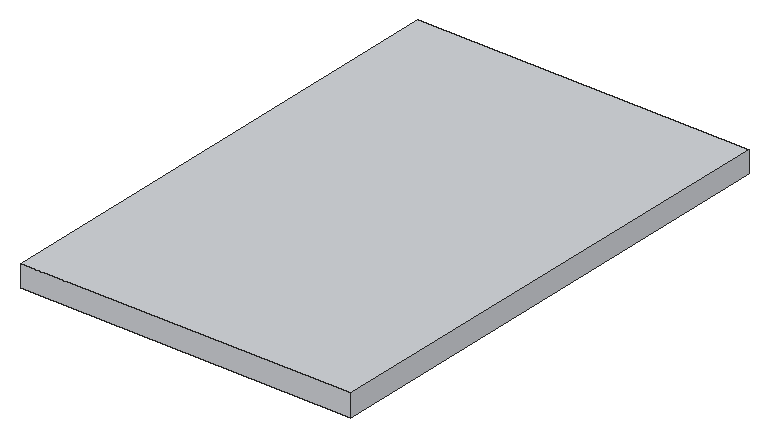
Revit family "CIRQUA-LI 1Xxxx F-FSW", category Oprawy oświetleniowe, Revit 2019
Family settings
  Obiekt nadrzędny = Powierzchnia
  Wymiar okrągłego złącza = Użyj średnicy
  Typ części = Normalny
  Numer OmniClass = 23.80.70.11
  Tytuł OmniClass = Luminaries for Internal Lighting
  Tnij formami wycięć po wczytaniu = Nie
  Źródło światła = Tak
  Współdzielony = Nie
  Punkt obliczania pomieszczeń = Nie
Parameters (values of type "CIRQUA-LI 1X3200-840 F-FSW")
  width = 100 mm  # constant formula
  weight = "1 kg"  # constant formula
  voltage type (AC, DC, UC) = "AC"
  rated input power = 26  # constant formula
  product name = "CIRQUA-LI 1X3200-840 F-FSW"
  nominal voltage = "230"
  nominal frequency = "50-60Hz"
  length = 231 mm  # constant formula
  ingress protection (IP) code = "IP20"
  height = 160 mm  # constant formula
  electrical safety class = "1"
  control gear = ""
  conformity mark = "CE"  # constant formula
  brand = "RIDI"
  approval mark = ""
  built-in parameter 1150104 = 13.8 (stored number, unit not read)
  Wattage = 20.6676 W
  Emituj ze średnicy okręgu = 76 mm  # constant formula
  Default Elevation = 0 mm
  built-in parameter 1150113 = 1 (stored number, unit not read)
  built-in parameter 1114218 = 1 (stored number, unit not read)
  URL = "www.ridi.de"
  built-in parameter 1150134 = 12
  built-in parameter 1150109 = 1 (stored number, unit not read)
  built-in parameter 1150110 = 1 (stored number, unit not read)
  Apparent Load = 26 VA  # constant formula
  Tilt Angle = 90.00°
  Model = "0321988AQ"
  built-in parameter 1114217 = 1 (stored number, unit not read)
  built-in parameter 1150139 = (empty or 0)
  built-in parameter 1150105 = 244.3 (stored number, unit not read)
  built-in parameter 1150114 = 1 (stored number, unit not read)
  Lumens = 3070 lm
  built-in parameter 1150115 = 1 (stored number, unit not read)
  built-in parameter 1150112 = 1 (stored number, unit not read)
  Lampa = "LED"
  Producent = "RIDI Leuchten GmbH"  # constant formula
  Dimming Lamp Color Temperature Shift = (empty or 0)
  Color Filter = 16777215
  built-in parameter 1150133 = 10 (stored number, unit not read)
  Emit Shape Visible in Rendering = no
  built-in parameter 1150137 = (empty or 0)
  built-in parameter 1150132 = 2
  Plik sieci fotometrycznej = "CIRQUA-L 1x3200-840 F.IES"
  Copyright = "© RIDI. All rights reserved."  # constant formula
  built-in parameter 1150106 = 2.443 (stored number, unit not read)
  Kod zespołu = "D5020200"
  built-in parameter 1150107 = 4000 (stored number, unit not read)
  built-in parameter 1150102 = (empty or 0)
  built-in parameter 1150138 = (empty or 0)
Types (4, lengths in mm): name | product name | Wattage | built-in parameter 1150134 | Model | built-in parameter 1150105 | Lumens | built-in parameter 1150106 | built-in parameter 1150107
  (no name) | "CIRQUA-LI 1X3200-840 F-FSW" | 20.6676 W | 12 | "0321988AQ" | 244.3 (stored number, unit not read) | 3070 lm | 2.443 (stored number, unit not read) | 4000 (stored number, unit not read)
  CIRQUA-LI 1X2600-930 F-FSW | "CIRQUA-LI 1X2600-930 F-FSW" | 16.8976 W | (empty or 0) | "0321996AQ" | 199.74 (stored number, unit not read) | 2510 lm | 1.9974 (stored number, unit not read) | 3000 (stored number, unit not read)
  CIRQUA-LI 1X3000-830 F-FSW | "CIRQUA-LI 1X3000-830 F-FSW" | 19.7924 W | (empty or 0) | "0321992AQ" | 233.96 (stored number, unit not read) | 2940 lm | 2.3396 (stored number, unit not read) | 3000 (stored number, unit not read)
  CIRQUA-LI 1X3200-840 F-FSW | "CIRQUA-LI 1X3200-840 F-FSW" | 20.6676 W | 12 | "0321988AQ" | 244.3 (stored number, unit not read) | 3070 lm | 2.443 (stored number, unit not read) | 4000 (stored number, unit not read)
Reference planes
  plane 1 "Mitte (Vorne/hinten)": y = 0
  plane 2: z = 24.176
  plane 3 "Mitte (Links/rechts)": x = 22
  plane 4: z = 0
Forms (mm)
  Extrusion 1, solid
    sketch origin (219.2, 280.8, 0) x (1, 0, 0) y (0, 1, 0)
      loop
        line (-1219.2, 1219.2) -> (-1219.2, -1780.8) -> (780.8, -1780.8) -> (780.8, 1219.2) -> (-1219.2, 1219.2)
    from 24.176 to -107.307
Dimensions and locks
  aligned and locked: plane 2 to Extrusion 1
Connectors
  electrical at (22.05, -6.85, -4.224), driven by "Apparent Load"
    settings: on import instance, index 1, voltage 230 V, apparent load 0 VA, apparent load phase1 26 VA, apparent load phase2 0 VA, apparent load phase3 0 VA, power factor 1, load classification "Lighting", number of poles 1, system type 31, power factor state 1, is connector primary yes, connector utility no, sub classification motor no, connector description ""
